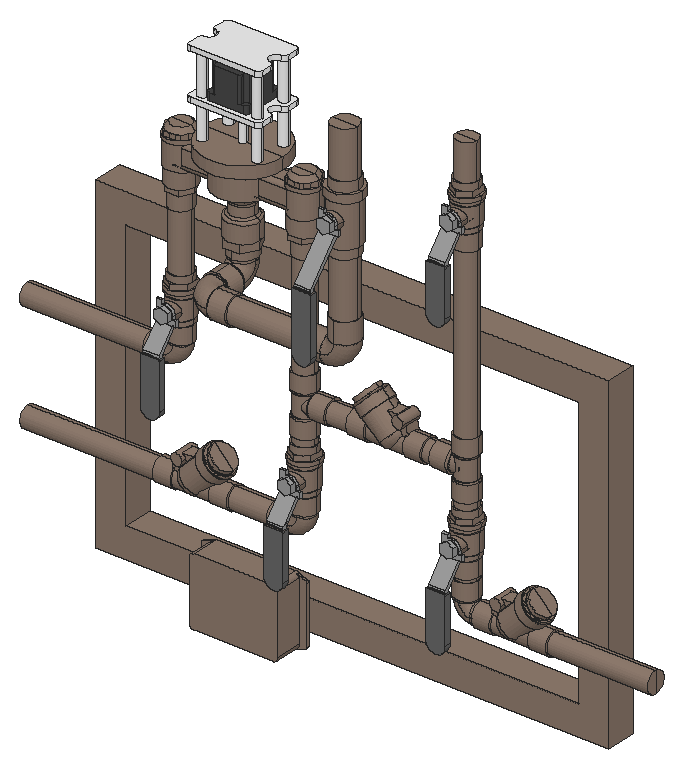
Revit family "Plumbing_Valves_Leonard-Valve_Proton-PNV-125-LF-R1", category Pipe Accessories, Revit 2018 (continued)
Definition of nested family "PNV-125-LF-R1"
  Lines and regions (mm)
    model lines, detail levels coarse+medium
      curve 119: line (-62.915, -64.364, 271.475) -> (-32.271, -64.364, 271.475)
      curve 120: line (-20.62, -64.364, 314.855) -> (-20.62, -64.364, 285.739)
      curve 121: line (35.23, -135.23, 448.136) -> (35.23, -135.23, 414.407)
      curve 122: line (46.897, -135.23, 469.145) -> (82.419, -135.23, 469.145)
      curve 123: line (-101.628, -118.441, 430.657) -> (-101.628, -151.996, 430.657)
      curve 124: line (-149.69, -108.363, 430.657) -> (-117.94, -108.363, 430.657)
      curve 125: line (-133.354, -93, 448.136) -> (-133.354, -93, 414.407)
      curve 126: line (-133.354, -46.939, 460.959) -> (-133.354, -82.147, 460.959)
    model lines
      curve 40: line (-169.168, -64.364, 541.274) -> (-97.54, -64.364, 568.198)
      curve 41: line (-97.54, -64.364, 541.274) -> (-169.168, -64.364, 568.198)
      curve 42: line (-169.168, -64.364, 568.198) -> (-169.168, -64.364, 541.274)
      curve 43: line (-97.54, -64.364, 568.198) -> (-97.54, -64.364, 541.274)
      curve 44: line (-97.54, -64.364, 554.736) -> (-47.546, -64.364, 554.736)
      curve 45: line (-169.168, -64.364, 554.736) -> (-218.996, -64.364, 554.736)
      curve 46: line (-133.354, -64.364, 573.786) -> (-133.354, -64.364, 487.48)
      curve 47: circle (-133.354, -64.364, 586.486) r 12.7 normal (0, -1, 0)
      curve 48: line (-137.845, -64.364, 487.48) -> (-128.863, -64.364, 487.48)
      curve 49: line (-128.863, -64.364, 487.48) -> (-133.354, -64.364, 477.393)
      curve 50: line (-133.354, -64.364, 477.393) -> (-137.845, -64.364, 487.48)
    symbolic lines, detail levels coarse+medium
      curve 52: line (-95.25, -64.364, 430.657) -> (439.039, -64.364, 430.657)
      curve 53: line (65.024, -135.23, 430.657) -> (-114.304, -135.23, 430.657)
      curve 54: line (-133.354, -116.18, 430.657) -> (-133.354, -102.464, 430.657)
      curve 55: arc (-114.304, -135.23, 430.657) -> (-127.775, -129.65, 430.657) -> (-133.354, -116.18, 430.657) r 19.05
      curve 56: line (-149.69, -108.363, 430.657) -> (-117.94, -108.363, 430.657)
      curve 57: line (-101.628, -118.441, 430.657) -> (-101.628, -151.996, 430.657)
      curve 58: line (-185.959, -49.954, 430.657) -> (-185.959, -78.991, 430.657)
      curve 59: line (-82.55, -48.575, 430.657) -> (-82.55, -80.153, 430.657)
      curve 60: line (-171.45, -64.364, 430.657) -> (-431.419, -64.364, 430.657)
      curve 61: line (208.171, -49.626, 430.657) -> (208.171, -79.454, 430.657)
      curve 62: line (147.159, -49.626, 430.657) -> (147.159, -79.454, 430.657)
      curve 63: line (288.925, -49.626, 430.657) -> (288.925, -79.454, 430.657)
      curve 64: line (34.167, -49.626, 430.657) -> (34.167, -77.305, 430.657)
      curve 65: line (111.904, -49.626, 430.657) -> (111.904, -77.305, 430.657)
      curve 66: line (32.782, -118.274, 430.657) -> (32.782, -151.908, 430.657)
      curve 67: line (-243.109, -49.954, 430.657) -> (-243.109, -78.991, 430.657)
  Dimensions and locks
    aligned and locked: level to plane 2
